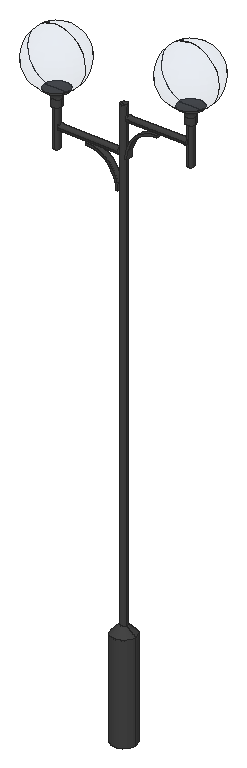
Revit family
Parameters
  Material Post = Metal - Black
  Material Lamp Glazing = Glass - Blue Frosted
  Fixture Height = 3000 mm
  Base Height = 500 mm
Reference planes
  plane 1 "Light Source Axis (F/B)": y = 0
  plane 2: z = 0
  plane 3 "Light Source Axis (L/R)": x = -1
  plane 4 "Light Source Elevation": z = 3000
  plane 5: x = 345
  plane 6: x = -347
  plane 7: z = 3057
  plane 8: z = 3217
Forms (mm)
  Revolve 1, solid, material "Metal - Black" <- "Material Post"
    sketch origin (0, 0, 0) x (1, 0, 0) y (0, 0, 1)
      loop
        line (-1, 0) -> (-1, 2956.111) -> (-18.574, 2956.111) -> (-18.574, 542.426) -> (-61, 500) -> (-61, 0) -> (-1, 0)
      axis (-1, 0) -> (-1, 2956.111)
    angle from 0 to 360
  Revolve 2, solid, material "Metal - Black" <- "Material Post"
    sketch origin (-97.613, 0, 140) x (1, 0, 0) y (0, 0, 1)
      loop
        line (-249.565, 2689.675) -> (-249.565, 2766.508) -> (-309.565, 2766.508)
        arc (-309.565, 2766.508) -> (-283.726, 2752.568) -> (-274.565, 2724.675) r 39.64
        line (-274.565, 2724.675) -> (-274.565, 2689.675) -> (-249.565, 2689.675)
      axis (-249.565, 2689.675) -> (-249.565, 2766.508)
    angle from 0 to 360
  Revolve 3, solid, material "Glass - Blue Frosted" <- "Material Lamp Glazing"
    sketch origin (-97.613, 0, 140) x (1, 0, 0) y (0, 0, 1)
      loop
        line (-249.565, 2761.508) -> (-249.565, 3058.37)
        arc (-249.565, 3058.37) -> (-398.779, 2923.713) -> (-280.09, 2761.508) r 150
        line (-280.09, 2761.508) -> (-249.565, 2761.508)
      axis (-249.565, 2761.508) -> (-249.565, 3058.37)
    angle from 0 to 360
  Revolve 4, solid, material "Metal - Black" <- "Material Post"
    sketch origin (97.869, 0, 300) x (-1, 0, 0) y (0, 0, 1)
      loop
        line (-247.565, 2689.675) -> (-247.565, 2766.508) -> (-307.565, 2766.508)
        arc (-307.565, 2766.508) -> (-281.726, 2752.568) -> (-272.565, 2724.675) r 39.64
        line (-272.565, 2724.675) -> (-272.565, 2689.675) -> (-247.565, 2689.675)
      axis (-247.565, 2689.675) -> (-247.565, 2766.508)
    angle from 0 to 360
  Revolve 5, solid, material "Glass - Blue Frosted" <- "Material Lamp Glazing"
    sketch origin (595, 0, 300) x (1, 0, 0) y (0, 0, 1)
      loop
        line (-249.565, 2761.508) -> (-249.565, 3058.37)
        arc (-249.565, 3058.37) -> (-398.779, 2923.713) -> (-280.09, 2761.508) r 150
        line (-280.09, 2761.508) -> (-249.565, 2761.508)
      axis (-249.565, 2761.508) -> (-249.565, 3058.37)
    angle from 0 to 360
  Sweep 6, solid, material "Metal - Black" <- "Material Post"
    path origin (0, 0, 0) x (1, 0, 0) y (0, 0, 1)
      loop
        line (-347.178, 2829.675) -> (-347.178, 2629.675)
    profile origin (0, 0, 2729.675) x (0, -1, 0) y (1, 0, 0)
      loop
        circle (0, -347.178) r 15
  Sweep 7, solid, material "Metal - Black" <- "Material Post"
    path origin (0, 0, 0) x (1, 0, 0) y (0, 0, 1)
      loop
        line (345.435, 2989.675) -> (345.435, 2789.675)
    profile origin (0, 0, 2889.675) x (0, -1, 0) y (1, 0, 0)
      loop
        circle (0, 345.435) r 15
  Sweep 8, solid, material "Metal - Black" <- "Material Post"
    path origin (0, 0, 0) x (1, 0, 0) y (0, 0, 1)
      loop
        arc (-183.505, 2720.357) -> (-63.505, 2670.651) -> (-13.799, 2550.651) r 169.706
    profile origin (-1367.078, 0, 1367.078) x (0.707107, 0, 0.707107) y (0, -1, 0)
      loop
        line (1828.531, 15) -> (1828.531, -15) -> (1838.531, -15) -> (1838.531, 15) -> (1828.531, 15)
  Sweep 9, solid, material "Metal - Black" <- "Material Post"
    path origin (5, 0, 0) x (1, 0, 0) y (0, 0, 1)
      loop
        arc (177.614, 2878.522) -> (61.088, 2830.256) -> (12.822, 2713.73) r 164.792
    profile origin (1448.172, 0, 1448.172) x (0.707107, 0, -0.707107) y (0, -1, 0)
      loop
        line (-1954.561, -15) -> (-1944.561, -15) -> (-1944.561, 15) -> (-1954.561, 15) -> (-1954.561, -15)
  Extrusion 10, solid, material "Metal - Black" <- "Material Post"
    sketch origin (-1, 0, -23.109) x (0, 1, 0) y (0, 0, 1)
      loop
        circle (0, 2756.168) r 15
    from -17.827 to -331.081
  Extrusion 11, solid, material "Metal - Black" <- "Material Post"
    sketch origin (351.147, 0, 140.056) x (0, 1, 0) y (0, 0, 1)
      loop
        circle (0, 2756.168) r 15
    from -17.827 to -331.081
Lines and regions (mm)
  Masking region 1
    outline origin (0, 0, 0) x (1, 0, 0) y (0, 1, 0)
      loop
        line (-197.752, -15) -> (-59.095, -15)
        arc (-59.095, -15) -> (-1, -60) -> (57.095, -15) r 60
        line (57.095, -15) -> (195.752, -15)
        arc (195.752, -15) -> (495, 0) -> (195.752, 15) r 150
        line (195.752, 15) -> (57.095, 15)
        arc (57.095, 15) -> (-1, 60) -> (-59.095, 15) r 60
        line (-59.095, 15) -> (-197.752, 15)
        arc (-197.752, 15) -> (-497, 0) -> (-197.752, -15) r 150
  symbolic lines
    curve 1: circle (345, 0, 0) r 150 normal (0, 0, 1)
    curve 2: circle (-347, 0, 0) r 150 normal (0, 0, 1)
    curve 3: circle (-1, 0, 0) r 17.574 normal (0, 0, 1)
    curve 4: line (-10.156, 15, 0) -> (-197.752, 15, 0)
    curve 5: line (-10.156, -15, 0) -> (-197.752, -15, 0)
    curve 6: line (195.752, 15, 0) -> (8.156, 15, 0)
    curve 7: line (195.752, -15, 0) -> (8.156, -15, 0)
    curve 8: arc (-59.095, 15, 0) -> (-1, 60, 0) -> (57.095, 15, 0) r 60
    curve 9: arc (-59.095, -15, 0) -> (-1, -60, 0) -> (57.095, -15, 0) r 60
Dimensions and locks
  "Base Height": Revolve 1 sketch curve to Revolve 1 sketch curve
  "Fixture Height": plane 4 "Light Source Elevation" to plane 2
  equal spacing: plane 5, plane 3 "Light Source Axis (L/R)", plane 6
  locked: plane 7 to plane 4 "Light Source Elevation" at 57
  locked: plane 8 to plane 4 "Light Source Elevation" at 217
  aligned and locked: plane 1 "Light Source Axis (F/B)" to nested 2
  aligned and locked: plane 1 "Light Source Axis (F/B)" to nested 1
  aligned and locked: nested 2 to plane 5
  aligned and locked: nested 1 to plane 6
  aligned and locked: nested 1 to plane 7
  aligned and locked: nested 2 to plane 8
  aligned and locked: curve 4 to Sweep 8
  aligned and locked: curve 5 to Sweep 8
  aligned and locked: curve 8 to Revolve 1
  aligned and locked: curve 9 to Revolve 1
Automatic sketch dimensions
  Revolve 1 sketch curve to level = 0 mm
  Revolve 1 sketch curve to plane 3 "Light Source Axis (L/R)" = 0 mm  (x2)
  Revolve 1 sketch curve to plane 3 "Light Source Axis (L/R)" = 60 mm
  Revolve 1 sketch curve to Revolve 1 sketch curve = 271.696 mm
  Revolve 1 sketch curve to Revolve 1 sketch curve = 42.426 mm
  plane 4 "Light Source Elevation" to Revolve 1 sketch curve = 43.889 mm
  Revolve 1 sketch curve to plane 4 "Light Source Elevation" = 1165.289 mm
  Revolve 2 sketch curve to plane 3 "Light Source Axis (L/R)" = 410.741 mm
  Revolve 2 sketch curve to Revolve 2 sketch curve = 4.563 mm
  Revolve 2 sketch curve to Revolve 2 sketch curve = 39.563 mm
  Revolve 2 sketch curve to Revolve 2 sketch curve = 25 mm
  Revolve 2 sketch curve to Revolve 2 sketch curve = 0 mm  (x2)
  plane 4 "Light Source Elevation" to Revolve 2 sketch curve = 170.325 mm
  Revolve 2 sketch curve to Revolve 2 sketch curve = 35 mm
  Revolve 2 sketch curve to Revolve 2 sketch curve = 2.458 mm
  Revolve 2 sketch curve to plane 4 "Light Source Elevation" = 279.675 mm
  plane 3 "Light Source Axis (L/R)" to Revolve 4 sketch curve = 410.998 mm
  Revolve 4 sketch curve to Revolve 4 sketch curve = 4.563 mm
  Revolve 4 sketch curve to Revolve 4 sketch curve = 39.563 mm
  Revolve 4 sketch curve to Revolve 4 sketch curve = 25 mm
  Revolve 4 sketch curve to Revolve 4 sketch curve = 0 mm  (x2)
  plane 4 "Light Source Elevation" to Revolve 4 sketch curve = 10.325 mm
  Revolve 4 sketch curve to Revolve 4 sketch curve = 35 mm
  Revolve 4 sketch curve to Revolve 4 sketch curve = 2.458 mm
  Revolve 4 sketch curve to plane 4 "Light Source Elevation" = 439.675 mm
  Revolve 3 sketch curve to plane 3 "Light Source Axis (L/R)" = 376.703 mm
  Revolve 3 sketch curve to Revolve 3 sketch curve = 30.525 mm
  Revolve 3 sketch curve to Revolve 3 sketch curve = 0 mm
  plane 4 "Light Source Elevation" to Revolve 3 sketch curve = 170.325 mm
  Revolve 3 sketch curve to Revolve 3 sketch curve = 71.834 mm
  Revolve 3 sketch curve to plane 4 "Light Source Elevation" = 48.37 mm
  Revolve 3 sketch curve to Revolve 3 sketch curve = 5 mm
  plane 3 "Light Source Axis (L/R)" to Revolve 5 sketch curve = 315.91 mm
  Revolve 5 sketch curve to Revolve 5 sketch curve = 30.525 mm
  Revolve 5 sketch curve to Revolve 5 sketch curve = 0 mm
  plane 4 "Light Source Elevation" to Revolve 5 sketch curve = 10.325 mm
  Revolve 5 sketch curve to Revolve 5 sketch curve = 71.834 mm
  Revolve 5 sketch curve to plane 4 "Light Source Elevation" = 208.37 mm
  Revolve 5 sketch curve to Revolve 5 sketch curve = 5 mm
  Revolve 1 sketch curve to Revolve 1 sketch curve = 17.574 mm
  Sweep 6 sketch curve to plane 3 "Light Source Axis (L/R)" = 346.178 mm
  plane 4 "Light Source Elevation" to Sweep 6 sketch curve = 370.325 mm
  plane 4 "Light Source Elevation" to Sweep 6 sketch curve = 170.325 mm
  plane 3 "Light Source Axis (L/R)" to Sweep 7 sketch curve = 346.435 mm
  plane 4 "Light Source Elevation" to Sweep 7 sketch curve = 210.325 mm
  plane 4 "Light Source Elevation" to Sweep 7 sketch curve = 10.325 mm
  Sweep 8 sketch curve to plane 3 "Light Source Axis (L/R)" = 182.505 mm
  Sweep 8 sketch curve to plane 3 "Light Source Axis (L/R)" = 12.799 mm
  plane 4 "Light Source Elevation" to Sweep 8 sketch curve = 449.349 mm
  plane 3 "Light Source Axis (L/R)" to Sweep 9 sketch curve = 18.822 mm
  plane 4 "Light Source Elevation" to Sweep 9 sketch curve = 121.478 mm
  plane 3 "Light Source Axis (L/R)" to Sweep 9 sketch curve = 183.614 mm
  Sweep 6 sketch curve to plane 1 "Light Source Axis (F/B)" = 0 mm
  Sweep 6 sketch curve to profile plane = 0 mm
  Sweep 7 sketch curve to plane 1 "Light Source Axis (F/B)" = 0 mm
  Sweep 7 sketch curve to profile plane = 0 mm
  profile plane to Sweep 8 sketch curve = 15 mm
  profile plane to Sweep 8 sketch curve = 5 mm
  Sweep 8 sketch curve to plane 1 "Light Source Axis (F/B)" = 15 mm
  plane 1 "Light Source Axis (F/B)" to Sweep 8 sketch curve = 15 mm
  Sweep 9 sketch curve to profile plane = 0 mm
  Sweep 9 sketch curve to Sweep 9 sketch curve = 10 mm
  Sweep 9 sketch curve to plane 1 "Light Source Axis (F/B)" = 15 mm
  plane 1 "Light Source Axis (F/B)" to Sweep 9 sketch curve = 15 mm
  Extrusion 10 sketch curve to plane 1 "Light Source Axis (F/B)" = 0 mm
  plane 4 "Light Source Elevation" to Extrusion 10 sketch curve = 266.942 mm
  Extrusion 11 sketch curve to plane 1 "Light Source Axis (F/B)" = 0 mm
  plane 4 "Light Source Elevation" to Extrusion 11 sketch curve = 103.777 mm
  Masking region 1 sketch curve to Masking region 1 sketch curve = 0 mm  (x3)
  Masking region 1 sketch curve to plane 1 "Light Source Axis (F/B)" = 0 mm  (x3)
  Masking region 1 sketch curve to plane 6 = 0 mm
  Masking region 1 sketch curve to plane 3 "Light Source Axis (L/R)" = 0 mm
  Masking region 1 sketch curve to plane 5 = 0 mm
  plane 1 "Light Source Axis (F/B)" to Masking region 1 sketch curve = 15 mm  (x2)
  plane 6 to Masking region 1 sketch curve = 149.248 mm
  Masking region 1 sketch curve to plane 1 "Light Source Axis (F/B)" = 15 mm  (x2)
  Masking region 1 sketch curve to plane 3 "Light Source Axis (L/R)" = 58.095 mm
  Masking region 1 sketch curve to Masking region 1 sketch curve = 138.657 mm
  curve 3 to curve 8 = 0 mm  (x2)
  curve 2 to plane 1 "Light Source Axis (F/B)" = 0 mm
  curve 2 to plane 6 = 0 mm
  curve 1 to plane 1 "Light Source Axis (F/B)" = 0 mm
  curve 1 to plane 5 = 0 mm
  curve 4 to curve 8 = 138.657 mm
  curve 4 to plane 3 "Light Source Axis (L/R)" = 9.156 mm
  plane 3 "Light Source Axis (L/R)" to curve 7 = 9.156 mm
  plane 3 "Light Source Axis (L/R)" to curve 6 = 9.156 mm
  curve 8 to curve 6 = 138.657 mm
  radius of Sweep 6 sketch curve = 15 mm
  radius of Sweep 7 sketch curve = 15 mm
  radius of Extrusion 10 sketch curve = 15 mm
  radius of Extrusion 11 sketch curve = 15 mm
Nested families
  nested 1: "Light Source" at (-347, 0, 3057), type "100W"
  nested 2: "Light Source" at (345, 0, 3217), type "100W"
Definition of nested family "Light Source"
  Parameters
    Wattage = 100 W
    built-in parameter 1150110 = 1 (stored number, unit not read)
    built-in parameter 1114217 = 1 (stored number, unit not read)
    built-in parameter 1150109 = 1 (stored number, unit not read)
    built-in parameter 1150134 = 4
    built-in parameter 1150113 = 1 (stored number, unit not read)
    Lumens = 1200 lm
    built-in parameter 1150115 = 1 (stored number, unit not read)
    built-in parameter 1150105 = 95.493 (stored number, unit not read)
    Light Source Symbol Size = 609.6 mm
    built-in parameter 1150137 = (empty or 0)
    built-in parameter 1150139 = (empty or 0)
    built-in parameter 1150112 = 1 (stored number, unit not read)
    built-in parameter 1150114 = 1 (stored number, unit not read)
    built-in parameter 1150132 = (empty or 0)
    built-in parameter 1150102 = (empty or 0)
    built-in parameter 1150138 = (empty or 0)
    built-in parameter 1150107 = 2800 (stored number, unit not read)
    built-in parameter 1150106 = 0.95493 (stored number, unit not read)
    built-in parameter 1150104 = 1.1148 (stored number, unit not read)
    Dimming Lamp Color Temperature Shift = (empty or 0)
    Color Filter = 16777215
    built-in parameter 1114218 = 1 (stored number, unit not read)
    built-in parameter 1150133 = 10 (stored number, unit not read)
  Reference planes
    plane 1 "Light Source Axis (F/B)": y = 0
    plane 2: z = 0
    plane 3 "Light Source Axis (L/R)": x = 0
    plane 4 "Light Source Elevation": z = 0
  Lines and regions (mm)
    reference lines
      curve 1: line (0, 1196.616, 0) -> (0, -1403.384, 0)
      curve 2: line (-1183.996, 0, 0) -> (2216.004, 0, 0)
      curve 3: line (0, 0, 1167.649) -> (0, 0, -972.351)
  Dimensions and locks
    aligned and locked: plane 3 "Light Source Axis (L/R)" to imposter light
    aligned and locked: plane 1 "Light Source Axis (F/B)" to imposter light
    aligned and locked: plane 4 "Light Source Elevation" to imposter light
    aligned and locked: plane 4 "Light Source Elevation" to plane 2
    aligned and locked: plane 1 "Light Source Axis (F/B)" to curve 2
    aligned and locked: curve 1 to plane 3 "Light Source Axis (L/R)"
    aligned and locked: curve 3 to plane 3 "Light Source Axis (L/R)"
